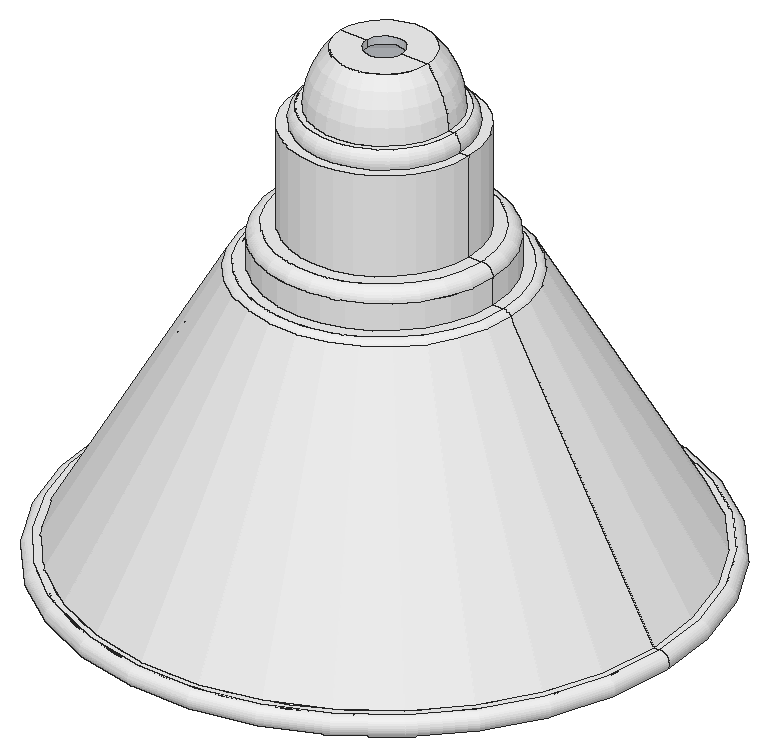
Revit family "CS08 SHADE", category Lighting Fixtures, Revit 2024
Family settings
  Round Connector Dimension = Use Diameter
  Part Type = Normal
  OmniClass Number = 23.80.70.00
  OmniClass Title = Lighting
  Work Plane-Based = No
  Always vertical = Yes
  Cut with Voids When Loaded = No
  Light Source = Yes
  Maintain Annotation Orientation = No
  Shared = No
  Room Calculation Point = No
Parameters
  Wattage = 12.1178 W
  built-in parameter 1150110 = 1 (stored number, unit not read)
  built-in parameter 1114217 = 1 (stored number, unit not read)
  built-in parameter 1150109 = 1 (stored number, unit not read)
  built-in parameter 1150134 = (empty or 0)
  built-in parameter 1150113 = 1 (stored number, unit not read)
  Lumens = 1800 lm
  built-in parameter 1150115 = 1 (stored number, unit not read)
  built-in parameter 1150105 = 572.96 (stored number, unit not read)
  Light Source Symbol Size = 2' - 0"
  built-in parameter 1150137 = (empty or 0)
  built-in parameter 1150139 = (empty or 0)
  built-in parameter 1150112 = 1 (stored number, unit not read)
  built-in parameter 1150114 = 1 (stored number, unit not read)
  built-in parameter 1150132 = 2
  built-in parameter 1150102 = (empty or 0)
  built-in parameter 1150138 = (empty or 0)
  built-in parameter 1150107 = 3000 (stored number, unit not read)
  built-in parameter 1150106 = 5.7296 (stored number, unit not read)
  built-in parameter 1150104 = 13.8 (stored number, unit not read)
  Dimming Lamp Color Temperature Shift = (empty or 0)
  Default Elevation = 0' - 0"
  Color Filter = 16777215
  built-in parameter 1114218 = 1 (stored number, unit not read)
  built-in parameter 1150133 = 10 (stored number, unit not read)
Reference planes (in)
  plane 1 "Light Source Axis (F/B)": y = 0
  plane 2: z = 0
  plane 3 "Light Source Axis (L/R)": x = 0
  plane 4 "Light Source Elevation": z = 84
Forms (in)
  Revolve 1, solid
    sketch origin (0, 0, 0) x (1, 0, 0) y (0, 0, 1)
      loop
        line (-0.25, 90.5) -> (-0.61177, 90.5)
        arc (-0.61177, 90.5) -> (-0.8284, 90.15857) -> (-0.90974, 89.76248) r 1.12056
        line (-0.90974, 89.76248) -> (-0.98707, 89.76248)
        arc (-0.98707, 89.76248) -> (-1.059, 89.66514) -> (-1.05803, 89.54411) r 0.19109
        line (-1.05803, 89.54411) -> (-1.19594, 89.54411) -> (-1.19594, 88.27941) -> (-1.3689, 88.27941)
        arc (-1.3689, 88.27941) -> (-1.48031, 88.23326) -> (-1.52646, 88.12185) r 0.15757
        line (-1.52646, 88.12185) -> (-1.52646, 87.78421) -> (-1.67806, 87.78421)
        arc (-1.67806, 87.78421) -> (-1.74056, 87.76746) -> (-1.78631, 87.72171) r 0.125
        line (-1.78631, 87.72171) -> (-3.78631, 84.2576) -> (-3.87574, 84.2576)
        arc (-3.87574, 84.2576) -> (-3.96359, 84.03461) -> (-3.74725, 84.13777) r 0.1288
        line (-3.74725, 84.13777) -> (-1.70512, 87.67483)
        arc (-1.70512, 87.67483) -> (-1.69368, 87.68627) -> (-1.67806, 87.69046) r 0.03125
        line (-1.67806, 87.69046) -> (-1.43271, 87.69046) -> (-1.43271, 88.12185)
        arc (-1.43271, 88.12185) -> (-1.41402, 88.16697) -> (-1.3689, 88.18566) r 0.06382
        line (-1.3689, 88.18566) -> (-1.10219, 88.18566) -> (-1.10219, 89.45036) -> (-0.92678, 89.45036) -> (-0.92678, 89.52228)
        arc (-0.92678, 89.52228) -> (-0.97322, 89.58971) -> (-0.95177, 89.66873) r 0.09734
        line (-0.95177, 89.66873) -> (-0.81385, 89.66873)
        arc (-0.81385, 89.66873) -> (-0.76423, 90.06147) -> (-0.56972, 90.40625) r 1.02681
        line (-0.56972, 90.40625) -> (-0.25, 90.40625) -> (-0.25, 90.5)
      axis (0, 90.5) -> (0, 84.13777)
    angle from 0 to 360
Dimensions and locks (in)
  aligned and locked: plane 3 "Light Source Axis (L/R)" to imposter light
  aligned and locked: plane 1 "Light Source Axis (F/B)" to imposter light
  aligned and locked: plane 4 "Light Source Elevation" to imposter light
  aligned and locked: level to plane 2
